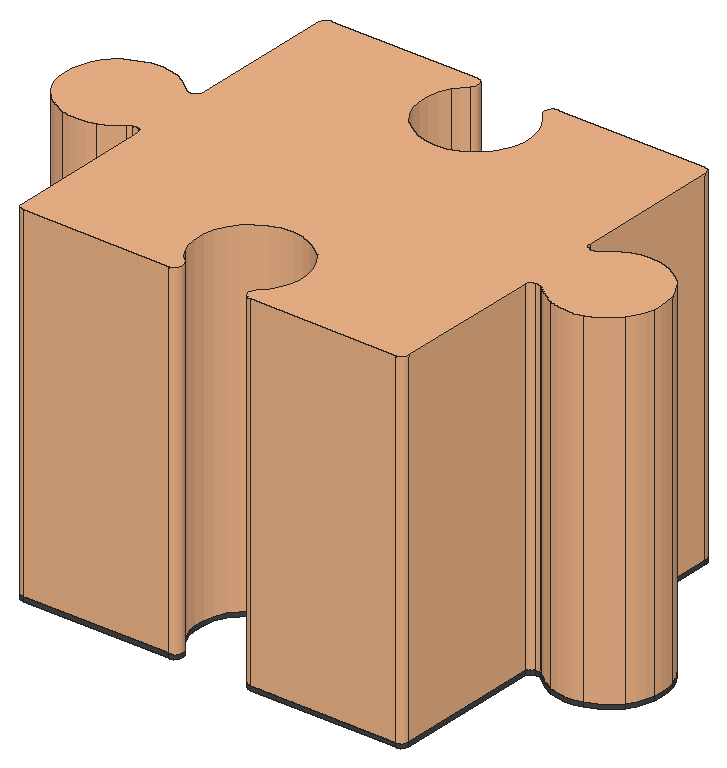
Revit family "Haworth_BuzziPuzzle", category Furniture, Revit 2018
Family settings
  OmniClass Number = 23.40.70.14.64.21
  OmniClass Title = Systems Furniture
  Work Plane-Based = No
  Always vertical = Yes
  Cut with Voids When Loaded = No
  Shared = No
  Room Calculation Point = No
Parameters (values of type "HCBZ-PZPH")
  Wood Base = no
  Warranty = "http://www.haworth.com/resources/product-info/warranties"
  Upholstery Finish [instance] = Haworth _ Fabric _ Trevira CS _ Yellow BCS-3008
  URL - Product = "https://www.haworth.com/products/seating/acoustic-seating/buzzipuzzle"
  URL = "http://www.haworth.com/our-brands/haworth-collection"
  Size = "Verify Final Dim. w/ Haworth"  # constant formula
  Revision Number = "1"  # constant formula
  Model = "HCBZ-PZP"  # constant formula
  Manufacturer = "Haworth"  # constant formula
  Low = no
  High = not(Low)  # yes
  Description = "Haworth BuzziPuzzle High Pouf"
  Base Finish = Haworth _ Paint _ Black BTR-9005
  Author = "Haworth (Abd Rahman)"  # constant formula
  Assembly Code = "E2020200"
  Actual Width = 33.46094"  # constant formula
  Actual Height = if(Low, 12.60156", 19.69141")  # 19.69141"
  Actual Depth = 21.64844"  # constant formula
Types (2): name | Low | High | Description | Actual Height
  HCBZ-PZPL | yes | no | "Haworth BuzziPuzzle Low Pouf" | 12.60156"
  HCBZ-PZPH | no | yes | "Haworth BuzziPuzzle High Pouf" | 19.69141"
Reference planes (in)
  plane 1 "Center F/B": y = 1.75
  plane 2: z = 0
  plane 3 "Back": y = 12.57422
  plane 4 "Front": y = -9.07422
  plane 5 "Back Top": z = 19.69141
  plane 6 "Right": x = 39.19084
  plane 7 "Left": x = 5.72991
  plane 8: x = 22.46038
  plane 9 "Base Top": z = 0.25
  plane 10: x = 11.60337
  plane 11: x = 33.31917
  plane 12: y = -3.22359
  plane 13: y = 6.72359
Forms (in)
  Extrusion 1, solid, material "Haworth _ Fabric _ Trevira CS _ Yellow BCS-3008" <- "Upholstery Finish"
    sketch origin (0, 0, 0) x (1, 0, 0) y (0, 1, 0)
      loop
        arc (24.77747, 12.57555) -> (24.35738, 12.29264) -> (24.46161, 11.797) r 0.45335
        arc (24.46161, 11.797) -> (24.75434, 11.46878) -> (24.99718, 11.10211) r 3.0711
        arc (24.99718, 11.10211) -> (22.43825, 6.72212) -> (19.87932, 11.10211) r 2.9375
        arc (19.87932, 11.10211) -> (20.12738, 11.4636) -> (20.43498, 11.776) r 2.49093
        arc (20.43498, 11.776) -> (20.5666, 12.27754) -> (20.14134, 12.57422) r 0.45313
        line (20.14134, 12.57422) -> (12.02524, 12.57422)
        arc (12.02524, 12.57422) -> (11.72693, 12.45065) -> (11.60337, 12.15234) r 0.42188
        line (11.60337, 12.15234) -> (11.60337, 4.04401)
        arc (11.60337, 4.04401) -> (11.51195, 3.80755) -> (11.28525, 3.69408) r 0.35152
        arc (11.28525, 3.69408) -> (11.13641, 3.69506) -> (10.99084, 3.7261) r 0.73258
        arc (10.99084, 3.7261) -> (10.88739, 3.77301) -> (10.7972, 3.84206) r 0.5
        arc (10.7972, 3.84206) -> (10.47854, 4.11549) -> (10.13036, 4.35018) r 3.61896
        arc (10.13036, 4.35018) -> (9.47456, 4.62947) -> (8.76853, 4.72738) r 2.69939
        arc (8.76853, 4.72738) -> (7.8324, 4.59286) -> (6.9763, 4.19096) r 3.20474
        arc (6.9763, 4.19096) -> (6.28653, 3.53678) -> (5.85768, 2.68835) r 2.77837
        arc (5.85768, 2.68835) -> (5.72455, 1.98868) -> (5.74457, 1.27674) r 3.30176
        arc (5.74457, 1.27674) -> (5.93364, 0.5881) -> (6.2956, -0.0275) r 2.71731
        arc (6.2956, -0.0275) -> (6.98214, -0.67903) -> (7.82908, -1.10155) r 3.20398
        arc (7.82908, -1.10155) -> (8.7687, -1.2362) -> (9.69862, -1.04576) r 2.77035
        arc (9.69862, -1.04576) -> (10.28624, -0.74485) -> (10.80311, -0.33413) r 3.33644
        arc (10.80311, -0.33413) -> (10.90006, -0.26064) -> (11.01188, -0.21275) r 0.5
        arc (11.01188, -0.21275) -> (11.15526, -0.18822) -> (11.30049, -0.19654) r 0.64313
        arc (11.30049, -0.19654) -> (11.51756, -0.32101) -> (11.60337, -0.55605) r 0.36481
        line (11.60337, -0.55605) -> (11.60337, -8.65234)
        arc (11.60337, -8.65234) -> (11.72693, -8.95065) -> (12.02524, -9.07422) r 0.42188
        line (12.02524, -9.07422) -> (20.14134, -9.07422)
        arc (20.14134, -9.07422) -> (20.5666, -8.77754) -> (20.43498, -8.276) r 0.45313
        arc (20.43498, -8.276) -> (20.12738, -7.9636) -> (19.87932, -7.60211) r 2.49093
        arc (19.87932, -7.60211) -> (22.43825, -3.22212) -> (24.99718, -7.60211) r 2.9375
        arc (24.99718, -7.60211) -> (24.75434, -7.96878) -> (24.46161, -8.297) r 3.0711
        arc (24.46161, -8.297) -> (24.35738, -8.79264) -> (24.77747, -9.07555) r 0.45335
        line (24.77747, -9.07555) -> (32.89729, -9.07555)
        arc (32.89729, -9.07555) -> (33.1956, -8.95199) -> (33.31917, -8.65368) r 0.42188
        line (33.31917, -8.65368) -> (33.31917, -0.54988)
        arc (33.31917, -0.54988) -> (33.40168, -0.32132) -> (33.61117, -0.19818) r 0.3578
        arc (33.61117, -0.19818) -> (33.76529, -0.18941) -> (33.91659, -0.21999) r 0.60403
        arc (33.91659, -0.21999) -> (34.01447, -0.26556) -> (34.10028, -0.33108) r 0.5
        arc (34.10028, -0.33108) -> (34.62661, -0.74273) -> (35.22213, -1.04576) r 3.46657
        arc (35.22213, -1.04576) -> (36.15205, -1.2362) -> (37.09167, -1.10155) r 2.77035
        arc (37.09167, -1.10155) -> (37.93861, -0.67903) -> (38.62515, -0.0275) r 3.20398
        arc (38.62515, -0.0275) -> (38.98711, 0.5881) -> (39.17618, 1.27674) r 2.71731
        arc (39.17618, 1.27674) -> (39.1962, 1.98868) -> (39.06307, 2.68835) r 3.30176
        arc (39.06307, 2.68835) -> (38.63422, 3.53678) -> (37.94446, 4.19096) r 2.77837
        arc (37.94446, 4.19096) -> (37.08835, 4.59286) -> (36.15223, 4.72738) r 3.20474
        arc (36.15223, 4.72738) -> (35.44619, 4.62947) -> (34.79039, 4.35018) r 2.69939
        arc (34.79039, 4.35018) -> (34.44221, 4.11549) -> (34.12355, 3.84206) r 3.61896
        arc (34.12355, 3.84206) -> (34.03336, 3.77301) -> (33.92991, 3.7261) r 0.5
        arc (33.92991, 3.7261) -> (33.77769, 3.69437) -> (33.62221, 3.69547) r 0.73258
        arc (33.62221, 3.69547) -> (33.40595, 3.80745) -> (33.31917, 4.03499) r 0.34172
        line (33.31917, 4.03499) -> (33.31917, 12.15368)
        arc (33.31917, 12.15368) -> (33.1956, 12.45199) -> (32.89729, 12.57555) r 0.42188
        line (32.89729, 12.57555) -> (24.77747, 12.57555)
    from 0.25 to 19.69141
  Extrusion 2, solid, material "Haworth _ Paint _ Black BTR-9005" <- "Base Finish"
    sketch origin (0, 0, 0) x (1, 0, 0) y (0, 1, 0)
      loop
        line (11.60337, 12.15234) -> (11.60337, 4.04401)
        arc (11.60337, 4.04401) -> (11.51195, 3.80755) -> (11.28525, 3.69408) r 0.35152
        arc (11.28525, 3.69408) -> (11.13641, 3.69506) -> (10.99084, 3.7261) r 0.73258
        arc (10.99084, 3.7261) -> (10.88739, 3.77301) -> (10.7972, 3.84206) r 0.5
        arc (10.7972, 3.84206) -> (10.47854, 4.11549) -> (10.13036, 4.35018) r 3.61896
        arc (10.13036, 4.35018) -> (9.47456, 4.62947) -> (8.76853, 4.72738) r 2.69939
        arc (8.76853, 4.72738) -> (7.8324, 4.59286) -> (6.9763, 4.19096) r 3.20474
        arc (6.9763, 4.19096) -> (6.28653, 3.53678) -> (5.85768, 2.68835) r 2.77837
        arc (5.85768, 2.68835) -> (5.72455, 1.98868) -> (5.74457, 1.27674) r 3.30176
        arc (5.74457, 1.27674) -> (5.93364, 0.5881) -> (6.2956, -0.0275) r 2.71731
        arc (6.2956, -0.0275) -> (6.98214, -0.67903) -> (7.82908, -1.10155) r 3.20398
        arc (7.82908, -1.10155) -> (8.7687, -1.2362) -> (9.69862, -1.04576) r 2.77035
        arc (9.69862, -1.04576) -> (10.28624, -0.74485) -> (10.80311, -0.33413) r 3.33644
        arc (10.80311, -0.33413) -> (10.90006, -0.26064) -> (11.01188, -0.21275) r 0.5
        arc (11.01188, -0.21275) -> (11.15526, -0.18822) -> (11.30049, -0.19654) r 0.64313
        arc (11.30049, -0.19654) -> (11.51756, -0.32101) -> (11.60337, -0.55605) r 0.36481
        line (11.60337, -0.55605) -> (11.60337, -8.65234)
        arc (11.60337, -8.65234) -> (11.72693, -8.95065) -> (12.02524, -9.07422) r 0.42188
        line (12.02524, -9.07422) -> (20.14134, -9.07422)
        arc (20.14134, -9.07422) -> (20.5666, -8.77754) -> (20.43498, -8.276) r 0.45313
        arc (20.43498, -8.276) -> (20.12738, -7.9636) -> (19.87932, -7.60211) r 2.49093
        arc (19.87932, -7.60211) -> (22.43825, -3.22212) -> (24.99718, -7.60211) r 2.9375
        arc (24.99718, -7.60211) -> (24.75434, -7.96878) -> (24.46161, -8.297) r 3.0711
        arc (24.46161, -8.297) -> (24.35738, -8.79264) -> (24.77747, -9.07555) r 0.45335
        line (24.77747, -9.07555) -> (32.89729, -9.07555)
        arc (32.89729, -9.07555) -> (33.1956, -8.95199) -> (33.31917, -8.65368) r 0.42188
        line (33.31917, -8.65368) -> (33.31917, -0.54988)
        arc (33.31917, -0.54988) -> (33.40168, -0.32132) -> (33.61117, -0.19818) r 0.3578
        arc (33.61117, -0.19818) -> (33.76529, -0.18941) -> (33.91659, -0.21999) r 0.60403
        arc (33.91659, -0.21999) -> (34.01447, -0.26556) -> (34.10028, -0.33108) r 0.5
        arc (34.10028, -0.33108) -> (34.62661, -0.74273) -> (35.22213, -1.04576) r 3.46657
        arc (35.22213, -1.04576) -> (36.15205, -1.2362) -> (37.09167, -1.10155) r 2.77035
        arc (37.09167, -1.10155) -> (37.93861, -0.67903) -> (38.62515, -0.0275) r 3.20398
        arc (38.62515, -0.0275) -> (38.98711, 0.5881) -> (39.17618, 1.27674) r 2.71731
        arc (39.17618, 1.27674) -> (39.1962, 1.98868) -> (39.06307, 2.68835) r 3.30176
        arc (39.06307, 2.68835) -> (38.63422, 3.53678) -> (37.94446, 4.19096) r 2.77837
        arc (37.94446, 4.19096) -> (37.08835, 4.59286) -> (36.15223, 4.72738) r 3.20474
        arc (36.15223, 4.72738) -> (35.44619, 4.62947) -> (34.79039, 4.35018) r 2.69939
        arc (34.79039, 4.35018) -> (34.44221, 4.11549) -> (34.12355, 3.84206) r 3.61896
        arc (34.12355, 3.84206) -> (34.03336, 3.77301) -> (33.92991, 3.7261) r 0.5
        arc (33.92991, 3.7261) -> (33.77769, 3.69437) -> (33.62221, 3.69547) r 0.73258
        arc (33.62221, 3.69547) -> (33.40595, 3.80745) -> (33.31917, 4.03499) r 0.34172
        line (33.31917, 4.03499) -> (33.31917, 12.15368)
        arc (33.31917, 12.15368) -> (33.1956, 12.45199) -> (32.89729, 12.57555) r 0.42188
        line (32.89729, 12.57555) -> (24.77747, 12.57555)
        arc (24.77747, 12.57555) -> (24.35738, 12.29264) -> (24.46161, 11.797) r 0.45335
        arc (24.46161, 11.797) -> (24.75434, 11.46878) -> (24.99718, 11.10211) r 3.0711
        arc (24.99718, 11.10211) -> (22.43825, 6.72212) -> (19.87932, 11.10211) r 2.9375
        arc (19.87932, 11.10211) -> (20.12738, 11.4636) -> (20.43498, 11.776) r 2.49093
        arc (20.43498, 11.776) -> (20.5666, 12.27754) -> (20.14134, 12.57422) r 0.45313
        line (20.14134, 12.57422) -> (12.02524, 12.57422)
        arc (12.02524, 12.57422) -> (11.72693, 12.45065) -> (11.60337, 12.15234) r 0.42188
    from 0 to 0.25
  Blend 3, solid, material "Haworth _ Paint _ Black BTR-9005" <- "Base Finish", visible <- "Wood Base"
    base sketch origin (0, 0, 0) x (1, 0, 0) y (0, 1, 0)
      loop
        circle (15.00719, 9.20507) r 0.5
    top sketch origin (0, 0, 0) x (1, 0, 0) y (0, 1, 0)
      loop
        circle (15.00719, 9.20507) r 0.9738
    from -0.25 to -0.1
  Extrusion 4, solid, material "Haworth _ Paint _ Black BTR-9005" <- "Base Finish", visible <- "Wood Base"
    sketch origin (0, 0, 0) x (1, 0, 0) y (0, 1, 0)
      loop
        circle (15.00719, 9.20507) r 0.9738
    from -0.1 to 0
  Blend 5, solid, material "Haworth _ Paint _ Black BTR-9005" <- "Base Finish", visible <- "Wood Base"
    base sketch origin (44.92075, 0, 0) x (-1, 0, 0) y (0, -1, 0)
      loop
        circle (15.00719, -9.20507) r 0.5
    top sketch origin (44.92075, 0, 0) x (-1, 0, 0) y (0, -1, 0)
      loop
        circle (15.00719, -9.20507) r 0.9738
    from -0.25 to -0.1
  Extrusion 6, solid, material "Haworth _ Paint _ Black BTR-9005" <- "Base Finish", visible <- "Wood Base"
    sketch origin (44.92075, 0, 0) x (-1, 0, 0) y (0, -1, 0)
      loop
        circle (15.00719, -9.20507) r 0.9738
    from -0.1 to 0
  Blend 7, solid, material "Haworth _ Paint _ Black BTR-9005" <- "Base Finish", visible <- "Wood Base"
    base sketch origin (0, 3.5, 0) x (1, 0, 0) y (0, 1, 0)
      loop
        circle (15.00719, -9.20507) r 0.5
    top sketch origin (0, 3.5, 0) x (1, 0, 0) y (0, 1, 0)
      loop
        circle (15.00719, -9.20507) r 0.9738
    from -0.25 to -0.1
  Extrusion 8, solid, material "Haworth _ Paint _ Black BTR-9005" <- "Base Finish", visible <- "Wood Base"
    sketch origin (0, 3.5, 0) x (1, 0, 0) y (0, 1, 0)
      loop
        circle (15.00719, -9.20507) r 0.9738
    from -0.1 to 0
  Blend 9, solid, material "Haworth _ Paint _ Black BTR-9005" <- "Base Finish", visible <- "Wood Base"
    base sketch origin (44.92075, 3.5, 0) x (-1, 0, 0) y (0, -1, 0)
      loop
        circle (15.00719, 9.20507) r 0.5
    top sketch origin (44.92075, 3.5, 0) x (-1, 0, 0) y (0, -1, 0)
      loop
        circle (15.00719, 9.20507) r 0.9738
    from -0.25 to -0.1
  Extrusion 10, solid, material "Haworth _ Paint _ Black BTR-9005" <- "Base Finish", visible <- "Wood Base"
    sketch origin (44.92075, 3.5, 0) x (-1, 0, 0) y (0, -1, 0)
      loop
        circle (15.00719, 9.20507) r 0.9738
    from -0.1 to 0
Cuts and joins
  joined: Blend 3, Extrusion 4, Blend 5, Extrusion 6, Blend 7, Extrusion 8, Blend 9, Extrusion 10
Lines and regions (in)
  Masking region 1
    outline origin (0, 0, 0) x (1, 0, 0) y (0, 1, 0)
      loop
        line (11.60337, 12.15234) -> (11.60337, 4.04401)
        arc (11.60337, 4.04401) -> (11.51195, 3.80755) -> (11.28525, 3.69408) r 0.35152
        arc (11.28525, 3.69408) -> (11.0623, 3.70699) -> (10.8536, 3.78647) r 0.73258
        arc (10.8536, 3.78647) -> (10.50991, 4.09132) -> (10.13036, 4.35018) r 3.61896
        arc (10.13036, 4.35018) -> (9.47456, 4.62947) -> (8.76853, 4.72738) r 2.69939
        arc (8.76853, 4.72738) -> (7.8324, 4.59286) -> (6.9763, 4.19096) r 3.20474
        arc (6.9763, 4.19096) -> (6.28653, 3.53678) -> (5.85768, 2.68835) r 2.77837
        arc (5.85768, 2.68835) -> (5.72455, 1.98868) -> (5.74457, 1.27674) r 3.30176
        arc (5.74457, 1.27674) -> (5.93364, 0.5881) -> (6.2956, -0.0275) r 2.71731
        arc (6.2956, -0.0275) -> (6.98214, -0.67903) -> (7.82908, -1.10155) r 3.20398
        arc (7.82908, -1.10155) -> (8.7687, -1.2362) -> (9.69862, -1.04576) r 2.77035
        arc (9.69862, -1.04576) -> (10.31759, -0.72441) -> (10.85622, -0.2814) r 3.33644
        arc (10.85622, -0.2814) -> (11.07065, -0.19863) -> (11.30049, -0.19654) r 0.64313
        arc (11.30049, -0.19654) -> (11.51756, -0.32101) -> (11.60337, -0.55605) r 0.36481
        line (11.60337, -0.55605) -> (11.60337, -8.65186)
        arc (11.60337, -8.65186) -> (11.72707, -8.95051) -> (12.02573, -9.07422) r 0.42236
        line (12.02573, -9.07422) -> (20.14253, -9.07422)
        arc (20.14253, -9.07422) -> (20.56262, -8.7913) -> (20.45839, -8.29567) r 0.45335
        arc (20.45839, -8.29567) -> (20.15076, -7.964) -> (19.87932, -7.60211) r 4.33988
        arc (19.87932, -7.60211) -> (22.46415, -3.22359) -> (24.97132, -7.64703) r 2.93704
        arc (24.97132, -7.64703) -> (24.73871, -7.98851) -> (24.46236, -8.29567) r 3.0711
        arc (24.46236, -8.29567) -> (24.35813, -8.7913) -> (24.77822, -9.07422) r 0.45335
        line (24.77822, -9.07422) -> (32.89729, -9.07422)
        arc (32.89729, -9.07422) -> (33.1956, -8.95065) -> (33.31917, -8.65234) r 0.42188
        line (33.31917, -8.65234) -> (33.31917, -0.52004)
        arc (33.31917, -0.52004) -> (33.41515, -0.30751) -> (33.62026, -0.19654) r 0.36481
        arc (33.62026, -0.19654) -> (33.8501, -0.19863) -> (34.06453, -0.2814) r 0.64313
        arc (34.06453, -0.2814) -> (34.60317, -0.72441) -> (35.22213, -1.04576) r 3.33644
        arc (35.22213, -1.04576) -> (36.15205, -1.2362) -> (37.09167, -1.10155) r 2.77035
        arc (37.09167, -1.10155) -> (37.93861, -0.67903) -> (38.62515, -0.0275) r 3.20398
        arc (38.62515, -0.0275) -> (38.98711, 0.5881) -> (39.17618, 1.27674) r 2.71731
        arc (39.17618, 1.27674) -> (39.1962, 1.98868) -> (39.06307, 2.68835) r 3.30176
        arc (39.06307, 2.68835) -> (38.63422, 3.53678) -> (37.94446, 4.19096) r 2.77837
        arc (37.94446, 4.19096) -> (37.08835, 4.59286) -> (36.15223, 4.72738) r 3.20474
        arc (36.15223, 4.72738) -> (35.44619, 4.62947) -> (34.79039, 4.35018) r 2.69939
        arc (34.79039, 4.35018) -> (34.41085, 4.09132) -> (34.06716, 3.78647) r 3.61896
        arc (34.06716, 3.78647) -> (33.85845, 3.70699) -> (33.6355, 3.69408) r 0.73258
        arc (33.6355, 3.69408) -> (33.42104, 3.79476) -> (33.31917, 4.00866) r 0.35152
        line (33.31917, 4.00866) -> (33.31917, 12.15234)
        arc (33.31917, 12.15234) -> (33.1956, 12.45065) -> (32.89729, 12.57422) r 0.42188
        line (32.89729, 12.57422) -> (24.77822, 12.57422)
        arc (24.77822, 12.57422) -> (24.35813, 12.2913) -> (24.46236, 11.79567) r 0.45335
        arc (24.46236, 11.79567) -> (24.73871, 11.48851) -> (24.97132, 11.14703) r 3.0711
        arc (24.97132, 11.14703) -> (22.46415, 6.72359) -> (19.87932, 11.10211) r 2.93704
        arc (19.87932, 11.10211) -> (20.15076, 11.464) -> (20.45839, 11.79567) r 4.33988
        arc (20.45839, 11.79567) -> (20.56262, 12.2913) -> (20.14253, 12.57422) r 0.45335
        line (20.14253, 12.57422) -> (12.02524, 12.57422)
        arc (12.02524, 12.57422) -> (11.72693, 12.45065) -> (11.60337, 12.15234) r 0.42188
Dimensions and locks (in)
  "Actual Width": plane 7 "Left" to plane 6 "Right"
  "Actual Depth": plane 4 "Front" to plane 3 "Back"
  equal spacing: plane 4 "Front", plane 1 "Center F/B", plane 3 "Back"
  "Actual Height": plane 5 "Back Top" to level
  equal spacing: plane 7 "Left", plane 8, plane 6 "Right"
  locked: plane 9 "Base Top" to plane 2 at 0.25
  aligned and locked: plane 5 "Back Top" to Extrusion 1
  aligned and locked: Extrusion 1 to plane 9 "Base Top"
  aligned and locked: plane 9 "Base Top" to Extrusion 2
  aligned and locked: Extrusion 2 to plane 2
Automatic sketch dimensions
  plane 4 "Front" to Extrusion 1 sketch curve = 0"
  Extrusion 1 sketch curve to plane 3 "Back" = 0"
  plane 1 "Center F/B" to Extrusion 1 sketch curve = 0.51304"
  Extrusion 1 sketch curve to plane 7 "Left" = 2.55525"
  plane 1 "Center F/B" to Extrusion 1 sketch curve = 0.10438"  (x2)
  Extrusion 1 sketch curve to Extrusion 1 sketch curve = 0.15157"  (x2)
  Extrusion 1 sketch curve to Extrusion 1 sketch curve = 0.04243"
  Extrusion 1 sketch curve to Extrusion 1 sketch curve = 0.03599"
  plane 1 "Center F/B" to Extrusion 1 sketch curve = 0.21708"
  Extrusion 1 sketch curve to Extrusion 1 sketch curve = 0.24934"
  Extrusion 1 sketch curve to Extrusion 1 sketch curve = 0.06524"  (x2)
  Extrusion 1 sketch curve to Extrusion 1 sketch curve = 0.27486"
  Extrusion 1 sketch curve to Extrusion 1 sketch curve = 0.06618"  (x2)
  plane 1 "Center F/B" to Extrusion 1 sketch curve = 0.02504"  (x2)
  Extrusion 1 sketch curve to Extrusion 1 sketch curve = 0.19556"  (x2)
  Extrusion 1 sketch curve to Extrusion 1 sketch curve = 2.39025"
  Extrusion 1 sketch curve to Extrusion 1 sketch curve = 2.13562"
  Extrusion 1 sketch curve to Extrusion 1 sketch curve = 0.03993"
  Extrusion 1 sketch curve to Extrusion 1 sketch curve = 0.07136"
  Extrusion 1 sketch curve to Extrusion 1 sketch curve = 0.08719"
  Extrusion 1 sketch curve to Extrusion 1 sketch curve = 0.10758"
  Extrusion 1 sketch curve to Extrusion 1 sketch curve = 0.36481"
  Extrusion 1 sketch curve to plane 3 "Back" = 0.42187"
  Extrusion 1 sketch curve to plane 7 "Left" = 5.87346"
  Extrusion 1 sketch curve to plane 4 "Front" = 0.42187"
  plane 8 to Extrusion 1 sketch curve = 2.31904"  (x2)
  Extrusion 1 sketch curve to plane 4 "Front" = 0.45312"
  plane 8 to Extrusion 1 sketch curve = 0.41114"  (x2)
  plane 8 to Extrusion 1 sketch curve = 0.13851"  (x2)
  plane 8 to Extrusion 1 sketch curve = 0.02213"  (x2)
  Extrusion 1 sketch curve to plane 3 "Back" = 0.45201"
  Extrusion 1 sketch curve to plane 8 = 2.31709"  (x2)
  Extrusion 1 sketch curve to plane 4 "Front" = 0.45201"
  plane 3 "Back" to Extrusion 1 sketch curve = 0.00133"
  Extrusion 1 sketch curve to plane 6 "Right" = 6.29355"  (x2)
  Extrusion 1 sketch curve to plane 4 "Front" = 0.42054"
  Extrusion 1 sketch curve to plane 6 "Right" = 5.87168"
  Extrusion 1 sketch curve to Extrusion 1 sketch curve = 0"  (x29)
  Extrusion 1 sketch curve to Extrusion 1 sketch curve = 0.34172"
  Extrusion 1 sketch curve to Extrusion 1 sketch curve = 0.3578"
  Extrusion 1 sketch curve to Extrusion 1 sketch curve = 0.04424"
  Extrusion 1 sketch curve to Extrusion 1 sketch curve = 0.04528"
  Extrusion 1 sketch curve to Extrusion 1 sketch curve = 0.03347"
  Extrusion 1 sketch curve to Extrusion 1 sketch curve = 0.1156"
  Extrusion 1 sketch curve to Extrusion 1 sketch curve = 2.22802"
  Extrusion 1 sketch curve to plane 1 "Center F/B" = 0.19528"  (x2)
  plane 1 "Center F/B" to Extrusion 1 sketch curve = 0.22732"
  Extrusion 1 sketch curve to Extrusion 1 sketch curve = 0.26446"
  Extrusion 1 sketch curve to plane 1 "Center F/B" = 0.12768"  (x2)
  Extrusion 1 sketch curve to Extrusion 1 sketch curve = 0.23887"
  Extrusion 1 sketch curve to Extrusion 1 sketch curve = 0.07842"
  Extrusion 1 sketch curve to Extrusion 1 sketch curve = 0.08355"
  Extrusion 1 sketch curve to plane 4 "Front" = 2.69531"
  Extrusion 1 sketch curve to Extrusion 1 sketch curve = 0.21929"
  Extrusion 1 sketch curve to Extrusion 1 sketch curve = 0.06561"  (x2)
  plane 1 "Center F/B" to Extrusion 1 sketch curve = 2.58034"
  plane 1 "Center F/B" to Extrusion 1 sketch curve = 2.5419"
  Extrusion 1 sketch curve to Extrusion 1 sketch curve = 0.0985"
  Extrusion 1 sketch curve to Extrusion 1 sketch curve = 0.13745"
  Extrusion 1 sketch curve to Extrusion 1 sketch curve = 0.13684"
  Extrusion 1 sketch curve to Extrusion 1 sketch curve = 0.14353"
  Extrusion 1 sketch curve to Extrusion 1 sketch curve = 0.40866"
  Extrusion 1 sketch curve to Extrusion 1 sketch curve = 0.01024"  (x2)
  Extrusion 1 sketch curve to Extrusion 1 sketch curve = 0.08274"  (x2)
  Extrusion 1 sketch curve to Extrusion 1 sketch curve = 0.18216"
  Extrusion 1 sketch curve to Extrusion 1 sketch curve = 0.30329"
  Extrusion 1 sketch curve to plane 1 "Center F/B" = 2.28499"
  Extrusion 1 sketch curve to plane 1 "Center F/B" = 2.29401"
  Extrusion 1 sketch curve to Extrusion 1 sketch curve = 0.15797"
  Extrusion 1 sketch curve to Extrusion 1 sketch curve = 0.16699"
  Extrusion 1 sketch curve to Extrusion 1 sketch curve = 0.22136"  (x2)
  Extrusion 1 sketch curve to plane 3 "Back" = 2.98021"
  Extrusion 1 sketch curve to Extrusion 1 sketch curve = 0.2849"
  Extrusion 1 sketch curve to plane 3 "Back" = 0.45312"
  Extrusion 1 sketch curve to plane 7 "Left" = 2.09917"
  Extrusion 1 sketch curve to plane 7 "Left" = 1.24639"
  Extrusion 1 sketch curve to Extrusion 1 sketch curve = 0.55566"  (x2)
  Masking region 1 sketch curve to plane 3 "Back" = 0"  (x2)
  plane 4 "Front" to Masking region 1 sketch curve = 0"  (x2)
  plane 1 "Center F/B" to Masking region 1 sketch curve = 0.51304"
  Masking region 1 sketch curve to plane 7 "Left" = 2.55525"
  plane 1 "Center F/B" to Masking region 1 sketch curve = 0.10438"  (x2)
  Masking region 1 sketch curve to Masking region 1 sketch curve = 0.15157"  (x2)
  Masking region 1 sketch curve to Masking region 1 sketch curve = 0.04243"
  Masking region 1 sketch curve to Masking region 1 sketch curve = 0.03599"  (x2)
  Masking region 1 sketch curve to Masking region 1 sketch curve = 0.24934"
  Masking region 1 sketch curve to Masking region 1 sketch curve = 0.06524"  (x2)
  Masking region 1 sketch curve to Masking region 1 sketch curve = 0.27486"
  Masking region 1 sketch curve to Masking region 1 sketch curve = 0.06618"  (x2)
  plane 1 "Center F/B" to Masking region 1 sketch curve = 0.02504"  (x2)
  Masking region 1 sketch curve to Masking region 1 sketch curve = 0.19556"  (x2)
  Masking region 1 sketch curve to Masking region 1 sketch curve = 2.17555"
  Masking region 1 sketch curve to Masking region 1 sketch curve = 2.46161"
  Masking region 1 sketch curve to Masking region 1 sketch curve = 0.04725"  (x2)
  Masking region 1 sketch curve to Masking region 1 sketch curve = 0.03622"  (x2)
  Masking region 1 sketch curve to Masking region 1 sketch curve = 0.36481"
  Masking region 1 sketch curve to Masking region 1 sketch curve = 0.35152"
  Masking region 1 sketch curve to plane 3 "Back" = 0.42187"  (x2)
  Masking region 1 sketch curve to Masking region 1 sketch curve = 0.42236"
  Masking region 1 sketch curve to plane 4 "Front" = 0.45335"  (x2)
  plane 8 to Masking region 1 sketch curve = 2.31785"  (x2)
  Masking region 1 sketch curve to plane 3 "Back" = 0.45335"  (x2)
  plane 8 to Masking region 1 sketch curve = 0.13776"  (x2)
  plane 8 to Masking region 1 sketch curve = 0.02214"  (x2)
  Masking region 1 sketch curve to plane 8 = 1.02176"  (x2)
  Masking region 1 sketch curve to plane 8 = 2.31785"  (x2)
  Masking region 1 sketch curve to plane 6 "Right" = 6.29355"  (x2)
  Masking region 1 sketch curve to plane 4 "Front" = 0.42187"
  Masking region 1 sketch curve to Masking region 1 sketch curve = 0.34974"
  Masking region 1 sketch curve to Masking region 1 sketch curve = 0.36302"
  Masking region 1 sketch curve to Masking region 1 sketch curve = 2.2228"
  Masking region 1 sketch curve to plane 1 "Center F/B" = 0.19528"  (x2)
  plane 1 "Center F/B" to Masking region 1 sketch curve = 0.22732"  (x2)
  Masking region 1 sketch curve to Masking region 1 sketch curve = 0.26446"
  Masking region 1 sketch curve to plane 1 "Center F/B" = 0.12768"  (x2)
  Masking region 1 sketch curve to Masking region 1 sketch curve = 0.23887"
  Masking region 1 sketch curve to Masking region 1 sketch curve = 0.07842"
  Masking region 1 sketch curve to plane 4 "Front" = 2.91369"
  Masking region 1 sketch curve to Masking region 1 sketch curve = 0.06785"  (x2)
  Masking region 1 sketch curve to Masking region 1 sketch curve = 0.97798"
  plane 1 "Center F/B" to Masking region 1 sketch curve = 2.58034"  (x2)
  Masking region 1 sketch curve to Masking region 1 sketch curve = 0.27429"  (x2)
  Masking region 1 sketch curve to Masking region 1 sketch curve = 0.03602"
  Masking region 1 sketch curve to Masking region 1 sketch curve = 0.40866"
  Masking region 1 sketch curve to Masking region 1 sketch curve = 0.01024"  (x2)
  Masking region 1 sketch curve to Masking region 1 sketch curve = 0.08274"  (x2)
  Masking region 1 sketch curve to Masking region 1 sketch curve = 0.18216"  (x2)
  Masking region 1 sketch curve to plane 1 "Center F/B" = 2.25866"
  Masking region 1 sketch curve to Masking region 1 sketch curve = 0.03535"
  Masking region 1 sketch curve to plane 1 "Center F/B" = 2.29401"
  Masking region 1 sketch curve to Masking region 1 sketch curve = 0.37933"  (x2)
  Masking region 1 sketch curve to Masking region 1 sketch curve = 3.43833"
  Masking region 1 sketch curve to Masking region 1 sketch curve = 0.91013"
  Masking region 1 sketch curve to plane 7 "Left" = 2.09917"
  Masking region 1 sketch curve to Masking region 1 sketch curve = 0"  (x20)
  Masking region 1 sketch curve to plane 7 "Left" = 1.24639"
  Masking region 1 sketch curve to Masking region 1 sketch curve = 0.43166"  (x2)
  Masking region 1 sketch curve to Masking region 1 sketch curve = 0.44427"  (x2)
  Masking region 1 sketch curve to Masking region 1 sketch curve = 0.57907"  (x2)
  plane 4 "Front" to Extrusion 2 sketch curve = 0"
  Extrusion 2 sketch curve to plane 3 "Back" = 0"
  plane 1 "Center F/B" to Extrusion 2 sketch curve = 0.51304"
  Extrusion 2 sketch curve to plane 7 "Left" = 2.55525"
  plane 1 "Center F/B" to Extrusion 2 sketch curve = 0.10438"  (x2)
  Extrusion 2 sketch curve to Extrusion 2 sketch curve = 0.15157"  (x2)
  Extrusion 2 sketch curve to Extrusion 2 sketch curve = 0.04243"
  Extrusion 2 sketch curve to Extrusion 2 sketch curve = 0.03599"
  plane 1 "Center F/B" to Extrusion 2 sketch curve = 0.21708"
  Extrusion 2 sketch curve to Extrusion 2 sketch curve = 0.24934"
  Extrusion 2 sketch curve to Extrusion 2 sketch curve = 0.06524"  (x2)
  Extrusion 2 sketch curve to Extrusion 2 sketch curve = 0.27486"
  Extrusion 2 sketch curve to Extrusion 2 sketch curve = 0.06618"  (x2)
  plane 1 "Center F/B" to Extrusion 2 sketch curve = 0.02504"  (x2)
  Extrusion 2 sketch curve to Extrusion 2 sketch curve = 0.19556"  (x2)
  Extrusion 2 sketch curve to Extrusion 2 sketch curve = 2.39025"
  Extrusion 2 sketch curve to Extrusion 2 sketch curve = 2.13562"
  Extrusion 2 sketch curve to Extrusion 2 sketch curve = 0.03993"
  Extrusion 2 sketch curve to Extrusion 2 sketch curve = 0.07136"
  Extrusion 2 sketch curve to Extrusion 2 sketch curve = 0.08719"
  Extrusion 2 sketch curve to Extrusion 2 sketch curve = 0.10758"
  Extrusion 2 sketch curve to Extrusion 2 sketch curve = 0.35152"
  Extrusion 2 sketch curve to plane 4 "Front" = 0.42187"
  Extrusion 2 sketch curve to plane 7 "Left" = 5.87346"
  Extrusion 2 sketch curve to plane 3 "Back" = 0.42187"
  Extrusion 2 sketch curve to plane 3 "Back" = 0.45312"
  plane 8 to Extrusion 2 sketch curve = 2.31904"  (x2)
  plane 8 to Extrusion 2 sketch curve = 0.41114"  (x2)
  plane 8 to Extrusion 2 sketch curve = 0.13851"  (x2)
  plane 8 to Extrusion 2 sketch curve = 0.02213"  (x2)
  plane 3 "Back" to Extrusion 2 sketch curve = 0.00133"
  Extrusion 2 sketch curve to plane 8 = 2.31709"  (x2)
  plane 4 "Front" to Extrusion 2 sketch curve = 0.00133"
  Extrusion 2 sketch curve to plane 6 "Right" = 6.29355"  (x2)
  plane 1 "Center F/B" to Extrusion 2 sketch curve = 2.29988"
  Extrusion 2 sketch curve to plane 6 "Right" = 5.87168"
  Extrusion 2 sketch curve to plane 3 "Back" = 0.42054"
  Extrusion 2 sketch curve to Extrusion 2 sketch curve = 0.34172"
  Extrusion 2 sketch curve to Extrusion 2 sketch curve = 0.3578"
  Extrusion 2 sketch curve to Extrusion 2 sketch curve = 0.04424"
  Extrusion 2 sketch curve to Extrusion 2 sketch curve = 0.04528"
  Extrusion 2 sketch curve to Extrusion 2 sketch curve = 0.03347"
  Extrusion 2 sketch curve to Extrusion 2 sketch curve = 0.1156"
  Extrusion 2 sketch curve to Extrusion 2 sketch curve = 2.22802"
  Extrusion 2 sketch curve to plane 1 "Center F/B" = 0.19528"  (x2)
  plane 1 "Center F/B" to Extrusion 2 sketch curve = 0.22732"
  Extrusion 2 sketch curve to Extrusion 2 sketch curve = 0.26446"
  Extrusion 2 sketch curve to plane 1 "Center F/B" = 0.12768"  (x2)
  Extrusion 2 sketch curve to Extrusion 2 sketch curve = 0.23887"
  Extrusion 2 sketch curve to Extrusion 2 sketch curve = 0.07842"
  Extrusion 2 sketch curve to Extrusion 2 sketch curve = 0.08355"
  Extrusion 2 sketch curve to plane 4 "Front" = 0.45201"
  Extrusion 2 sketch curve to plane 4 "Front" = 0.45312"
  Extrusion 2 sketch curve to plane 4 "Front" = 2.69531"
  Extrusion 2 sketch curve to Extrusion 2 sketch curve = 0.21929"
  Extrusion 2 sketch curve to Extrusion 2 sketch curve = 0.06561"  (x2)
  plane 1 "Center F/B" to Extrusion 2 sketch curve = 2.58034"
  Extrusion 2 sketch curve to Extrusion 2 sketch curve = 0.24202"
  Extrusion 2 sketch curve to Extrusion 2 sketch curve = 0.0985"
  Extrusion 2 sketch curve to Extrusion 2 sketch curve = 0.13745"
  Extrusion 2 sketch curve to Extrusion 2 sketch curve = 0.13684"
  Extrusion 2 sketch curve to Extrusion 2 sketch curve = 0.40866"
  Extrusion 2 sketch curve to Extrusion 2 sketch curve = 0.01024"  (x2)
  Extrusion 2 sketch curve to Extrusion 2 sketch curve = 0.08274"  (x2)
  Extrusion 2 sketch curve to Extrusion 2 sketch curve = 0.18216"
  Extrusion 2 sketch curve to Extrusion 2 sketch curve = 0.30329"
  Extrusion 2 sketch curve to plane 1 "Center F/B" = 2.28499"
  Extrusion 2 sketch curve to plane 1 "Center F/B" = 2.29401"
  Extrusion 2 sketch curve to Extrusion 2 sketch curve = 0.16699"
  Extrusion 2 sketch curve to Extrusion 2 sketch curve = 0.15797"
  Extrusion 2 sketch curve to Extrusion 2 sketch curve = 0.22136"  (x2)
  Extrusion 2 sketch curve to plane 3 "Back" = 2.98021"
  Extrusion 2 sketch curve to Extrusion 2 sketch curve = 0.2849"
  Extrusion 2 sketch curve to plane 3 "Back" = 0.45201"
  Extrusion 2 sketch curve to plane 7 "Left" = 2.09917"
  Extrusion 2 sketch curve to Extrusion 2 sketch curve = 0"  (x28)
  Extrusion 2 sketch curve to plane 7 "Left" = 1.24639"
  Extrusion 2 sketch curve to Extrusion 2 sketch curve = 0.55566"  (x2)
  Blend 3 sketch curve to plane 3 "Back" = 3.36915"  (x2)
  plane 8 to Blend 3 sketch curve = 7.45318"  (x2)
  Extrusion 4 sketch curve to plane 3 "Back" = 3.36915"
  plane 8 to Extrusion 4 sketch curve = 7.45318"
  plane 3 "Back" to Blend 5 sketch curve = 3.36915"  (x2)
  plane 8 to Blend 5 sketch curve = 7.45318"  (x2)
  plane 3 "Back" to Extrusion 6 sketch curve = 3.36915"
  plane 8 to Extrusion 6 sketch curve = 7.45318"
  plane 4 "Front" to Blend 7 sketch curve = 3.36915"  (x2)
  Blend 7 sketch curve to plane 8 = 7.45318"  (x2)
  plane 4 "Front" to Extrusion 8 sketch curve = 3.36915"
  Extrusion 8 sketch curve to plane 8 = 7.45318"
  Blend 9 sketch curve to plane 4 "Front" = 3.36915"  (x2)
  Blend 9 sketch curve to plane 8 = 7.45318"  (x2)
  Extrusion 10 sketch curve to plane 4 "Front" = 3.36915"
  Extrusion 10 sketch curve to plane 8 = 7.45318"
  radius of Blend 3 sketch curve = 0.5"
  radius of Blend 3 sketch curve = 0.9738"
  radius of Extrusion 4 sketch curve = 0.9738"
  radius of Blend 5 sketch curve = 0.5"
  radius of Blend 5 sketch curve = 0.9738"
  radius of Extrusion 6 sketch curve = 0.9738"
  radius of Blend 7 sketch curve = 0.5"
  radius of Blend 7 sketch curve = 0.9738"
  radius of Extrusion 8 sketch curve = 0.9738"
  radius of Blend 9 sketch curve = 0.5"
  radius of Blend 9 sketch curve = 0.9738"
  radius of Extrusion 10 sketch curve = 0.9738"
